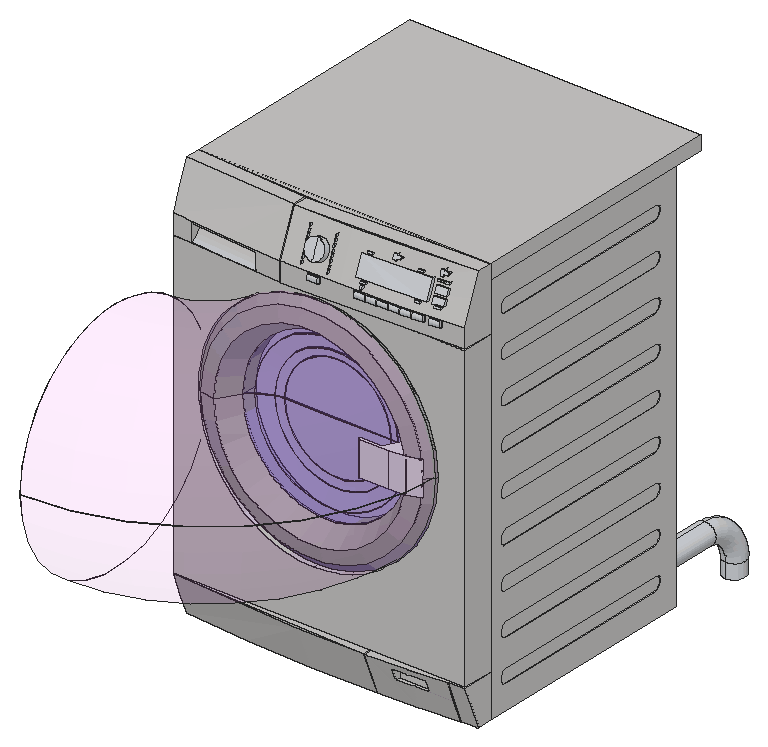
Revit family "WE170V", category Specialty Equipment, Revit 2014
Parameters
  Width = 596.5 mm
  Height = 846.7 mm
  Depth = 619.6 mm
Reference planes
  plane 1 "Center (Front/Back)": y = 0
  plane 2: z = 0
  plane 3 "Center (Left/Right)": x = 0
  plane 4 "LEFT": x = -298.25
  plane 5 "RIGHT": x = 298.25
  plane 6 "BACK": y = 309.8
  plane 7 "FRONT": y = -309.8
  plane 8 "voidPanel": through (0, -279.09, 846.678) normal (0, -0.9308, 0.3656)
Forms (mm)
  Extrusion 1, void
    sketch origin (0, 0, 0) x (1, 0, 0) y (0, 1, 0)
      loop
        line (298.25, -309.8) -> (348.25, -309.8) -> (348.25, -209.8) -> (298.25, -209.8) -> (298.25, -309.8)
    from 0 to 846.7
  Extrusion 2, void
    sketch origin (0, 0, 0) x (1, 0, 0) y (0, 1, 0)
      loop
        line (-298.25, -309.8) -> (-298.25, -209.8) -> (-348.25, -209.8) -> (-348.25, -309.8) -> (-298.25, -309.8)
    from 0 to 846.7
  Revolve 3, solid, material "QF_Finishes_Stainless Steel"
    sketch origin (0, 0, 0) x (0, 1, 0) y (0, 0, 1)
      loop
        line (-275.22, 846.7) -> (-309.8, 758.7) -> (-309.8, 96.5) -> (-275.22, 10.099) -> (-245.097, 10.099) -> (-245.097, 846.7) -> (-275.22, 846.7)
      axis (2693.07, 846.7) -> (2693.07, 10.099)
    angle from -6 to 6
  Extrusion 4, solid, material "QF_Finishes_Stainless Steel"
    sketch origin (0, 0, 0) x (1, 0, 0) y (0, 1, 0)
      loop
        line (-298.25, 244.903) -> (-298.25, -229.92) -> (298.25, -229.92) -> (298.25, 244.903) -> (-298.25, 244.903)
    from 10 to 816.7
  Extrusion 5, solid, material "QF_Finishes_Stainless Steel"
    sketch origin (0, 0, 816.7) x (-1, 0, 0) y (0, -1, 0)
      loop
        line (298.25, -309.8) -> (298.25, 245.097) -> (-298.25, 245.097) -> (-298.25, -309.8) -> (298.25, -309.8)
    from 0 to 30
  Extrusion 6, void
    sketch origin (0, -309.8, 0) x (0, 0, 1) y (-1, 0, 0)
      loop
        circle (464.1, 0) r 242.757
    from 0 to -500.517
  Revolve 7, solid, material "QF_Finishes_Gray"
    sketch origin (0, 0, 464.1) x (-1, 0, 0) y (0, -1, 0)
      loop
        line (242.774, 245.097) -> (242.774, 298.949) -> (226.774, 313.123) -> (196.73, 319.767) -> (170.5, 277.446) -> (170.5, 245.097) -> (242.774, 245.097)
      axis (0, 245.097) -> (0, 319.767)
    angle from 0 to 360
  Revolve 8, solid, material "Glass"
    sketch origin (0, 0, 464.1) x (-1, 0, 0) y (0, -1, 0)
      loop
        line (156.034, 264.421) -> (125.785, 250.116)
        arc (125.785, 250.116) -> (117.42, 247.776) -> (108.77, 246.987) r 47.824
        line (108.77, 246.987) -> (0, 246.987) -> (0, 244.987) -> (108.77, 244.987)
        arc (108.77, 244.987) -> (117.82, 245.816) -> (126.57, 248.275) r 49.824
        line (126.57, 248.275) -> (156.889, 262.613)
        arc (156.889, 262.613) -> (164.396, 267.382) -> (170.5, 273.851) r 35.892
        line (170.5, 273.851) -> (170.5, 277.446)
        arc (170.5, 277.446) -> (164.222, 269.872) -> (156.034, 264.421) r 33.892
      axis (0, 244.987) -> (0, 277.446)
    angle from 0 to 360
  Extrusion 9, void
    sketch origin (0, 0, 464.1) x (-1, 0, 0) y (0, -1, 0)
      loop
        line (278.25, -224.903) -> (278.25, 225.097) -> (-278.25, 225.097) -> (-278.25, -224.903) -> (278.25, -224.903)
    from -434.1 to 332.6
  Extrusion 10, void
    sketch origin (0, 0, 846.7) x (-1, 0, 0) y (0, -1, 0)
      loop
        arc (-298.25, 229.92) -> (0, 245.097) -> (298.25, 229.92) r 2938.166
        line (298.25, 229.92) -> (298.25, 260.198)
        arc (298.25, 260.198) -> (0, 275.22) -> (-298.25, 260.198) r 2968.289
        line (-298.25, 260.198) -> (-298.25, 229.92)
    from -30 to 0
  Extrusion 11, solid, material "QF_Finishes_Stainless Steel"
    sketch origin (0, 0, 846.7) x (-1, 0, 0) y (0, -1, 0)
      loop
        arc (-298.25, 229.92) -> (0, 245.097) -> (298.25, 229.92) r 2938.166
        line (298.25, 229.92) -> (298.25, 260.198)
        arc (298.25, 260.198) -> (0, 275.22) -> (-298.25, 260.198) r 2968.289
        line (-298.25, 260.198) -> (-298.25, 229.92)
    from 0 to -30
  Extrusion 12, solid
    sketch origin (0, 0, 846.7) x (-1, 0, 0) y (0, -1, 0)
      loop
        line (-148.308, 319.298) -> (-106.952, 319.298)
        arc (-106.952, 319.298) -> (-103.725, 322.526) -> (-106.952, 325.753) r 3.227
        line (-106.952, 325.753) -> (-166.755, 325.753)
        arc (-166.755, 325.753) -> (-197.413, 322.561) -> (-226.757, 313.123) r 148.849
        line (-226.757, 313.123) -> (-196.713, 319.767) -> (-170.483, 277.446) -> (-148.308, 319.298)
    from -417.516 to -347.516
  Extrusion 13, void
    sketch origin (0, 0, 0) x (0, 1, 0) y (0, 0, 1)
      loop
        line (-189.283, 738.954) -> (190.717, 738.954)
        arc (190.717, 738.954) -> (205.717, 753.954) -> (190.717, 768.954) r 15
        line (190.717, 768.954) -> (-189.283, 768.954)
        arc (-189.283, 768.954) -> (-204.283, 753.954) -> (-189.283, 738.954) r 15
      loop
        line (-189.283, 653.954) -> (190.717, 653.954)
        arc (190.717, 653.954) -> (205.717, 668.954) -> (190.717, 683.954) r 15
        line (190.717, 683.954) -> (-189.283, 683.954)
        arc (-189.283, 683.954) -> (-204.283, 668.954) -> (-189.283, 653.954) r 15
      loop
        arc (190.717, 568.954) -> (205.717, 583.954) -> (190.717, 598.954) r 15
        line (190.717, 598.954) -> (-189.283, 598.954)
        arc (-189.283, 598.954) -> (-204.283, 583.954) -> (-189.283, 568.954) r 15
        line (-189.283, 568.954) -> (190.717, 568.954)
      loop
        arc (-189.283, 513.954) -> (-204.283, 498.954) -> (-189.283, 483.954) r 15
        line (-189.283, 483.954) -> (190.717, 483.954)
        arc (190.717, 483.954) -> (205.717, 498.954) -> (190.717, 513.954) r 15
        line (190.717, 513.954) -> (-189.283, 513.954)
      loop
        arc (-189.283, 428.954) -> (-204.283, 413.954) -> (-189.283, 398.954) r 15
        line (-189.283, 398.954) -> (190.717, 398.954)
        arc (190.717, 398.954) -> (205.717, 413.954) -> (190.717, 428.954) r 15
        line (190.717, 428.954) -> (-189.283, 428.954)
      loop
        line (-189.283, 313.954) -> (190.717, 313.954)
        arc (190.717, 313.954) -> (205.717, 328.954) -> (190.717, 343.954) r 15
        line (190.717, 343.954) -> (-189.283, 343.954)
        arc (-189.283, 343.954) -> (-204.283, 328.954) -> (-189.283, 313.954) r 15
      loop
        arc (-189.283, 258.954) -> (-204.283, 243.954) -> (-189.283, 228.954) r 15
        line (-189.283, 228.954) -> (190.717, 228.954)
        arc (190.717, 228.954) -> (205.717, 243.954) -> (190.717, 258.954) r 15
        line (190.717, 258.954) -> (-189.283, 258.954)
      loop
        arc (-189.283, 173.954) -> (-204.283, 158.954) -> (-189.283, 143.954) r 15
        line (-189.283, 143.954) -> (190.717, 143.954)
        arc (190.717, 143.954) -> (205.717, 158.954) -> (190.717, 173.954) r 15
        line (190.717, 173.954) -> (-189.283, 173.954)
      loop
        arc (-189.283, 88.954) -> (-204.283, 73.954) -> (-189.283, 58.954) r 15
        line (-189.283, 58.954) -> (190.717, 58.954)
        arc (190.717, 58.954) -> (205.717, 73.954) -> (190.717, 88.954) r 15
        line (190.717, 88.954) -> (-189.283, 88.954)
    from 295 to 298.25
  Extrusion 14, void
    sketch origin (-298.25, 0, 0) x (0, 0, 1) y (0, -1, 0)
      loop
        line (768.954, -190.717) -> (768.954, 189.283)
        arc (768.954, 189.283) -> (753.954, 204.283) -> (738.954, 189.283) r 15
        line (738.954, 189.283) -> (738.954, -190.717)
        arc (738.954, -190.717) -> (753.954, -205.717) -> (768.954, -190.717) r 15
      loop
        arc (653.954, -190.717) -> (668.954, -205.717) -> (683.954, -190.717) r 15
        line (683.954, -190.717) -> (683.954, 189.283)
        arc (683.954, 189.283) -> (668.954, 204.283) -> (653.954, 189.283) r 15
        line (653.954, 189.283) -> (653.954, -190.717)
      loop
        line (598.954, -190.717) -> (598.954, 189.283)
        arc (598.954, 189.283) -> (583.954, 204.283) -> (568.954, 189.283) r 15
        line (568.954, 189.283) -> (568.954, -190.717)
        arc (568.954, -190.717) -> (583.954, -205.717) -> (598.954, -190.717) r 15
      loop
        arc (483.954, -190.717) -> (498.954, -205.717) -> (513.954, -190.717) r 15
        line (513.954, -190.717) -> (513.954, 189.283)
        arc (513.954, 189.283) -> (498.954, 204.283) -> (483.954, 189.283) r 15
        line (483.954, 189.283) -> (483.954, -190.717)
      loop
        line (398.954, 189.283) -> (398.954, -190.717)
        arc (398.954, -190.717) -> (413.954, -205.717) -> (428.954, -190.717) r 15
        line (428.954, -190.717) -> (428.954, 189.283)
        arc (428.954, 189.283) -> (413.954, 204.283) -> (398.954, 189.283) r 15
      loop
        arc (313.954, -190.717) -> (328.954, -205.717) -> (343.954, -190.717) r 15
        line (343.954, -190.717) -> (343.954, 189.283)
        arc (343.954, 189.283) -> (328.954, 204.283) -> (313.954, 189.283) r 15
        line (313.954, 189.283) -> (313.954, -190.717)
      loop
        arc (258.954, 189.283) -> (243.954, 204.283) -> (228.954, 189.283) r 15
        line (228.954, 189.283) -> (228.954, -190.717)
        arc (228.954, -190.717) -> (243.954, -205.717) -> (258.954, -190.717) r 15
        line (258.954, -190.717) -> (258.954, 189.283)
      loop
        arc (143.954, -190.717) -> (158.954, -205.717) -> (173.954, -190.717) r 15
        line (173.954, -190.717) -> (173.954, 189.283)
        arc (173.954, 189.283) -> (158.954, 204.283) -> (143.954, 189.283) r 15
        line (143.954, 189.283) -> (143.954, -190.717)
      loop
        line (88.954, -190.717) -> (88.954, 189.283)
        arc (88.954, 189.283) -> (73.954, 204.283) -> (58.954, 189.283) r 15
        line (58.954, 189.283) -> (58.954, -190.717)
        arc (58.954, -190.717) -> (73.954, -205.717) -> (88.954, -190.717) r 15
    from 0 to 3.25
  Extrusion 15, solid
    sketch origin (0, 0, 0) x (1, 0, 0) y (0, 1, 0)
      loop
        circle (-260.35, 212.4) r 20
    from 2.599 to 10
  Extrusion 16, solid
    sketch origin (0, 0, 0) x (1, 0, 0) y (0, 1, 0)
      loop
        circle (-260.35, 212.4) r 11
    from 0 to 3
  Extrusion 17, solid
    sketch origin (0, 0, 0) x (1, 0, 0) y (0, 1, 0)
      loop
        circle (260.35, 212.4) r 20
    from 3 to 10
  Extrusion 18, solid
    sketch origin (0, 0, 0) x (1, 0, 0) y (0, 1, 0)
      loop
        circle (260.35, 212.4) r 11
    from 0 to 3
  Extrusion 19, solid
    sketch origin (0, 0, 0) x (1, 0, 0) y (0, 1, 0)
      loop
        circle (-260.35, -214) r 20
    from 3 to 10
  Extrusion 20, solid
    sketch origin (0, 0, 0) x (1, 0, 0) y (0, 1, 0)
      loop
        circle (-260.35, -214) r 11
    from 0 to 3
  Extrusion 21, solid
    sketch origin (0, 0, 0) x (1, 0, 0) y (0, 1, 0)
      loop
        circle (260.35, -214) r 20
    from 3 to 10
  Extrusion 22, solid
    sketch origin (0, 0, 0) x (1, 0, 0) y (0, 1, 0)
      loop
        circle (260.35, -214) r 11
    from 0 to 3
  Sweep 23, solid
    path in 3D
      loop
        line (257.95, 444.903, -30.702) -> (257.95, 444.903, -0.7)
        arc (257.95, 444.903, -0.7) -> (257.95, 422.935, 52.336) -> (257.95, 369.899, 74.304) r 75.004
        line (257.95, 369.899, 74.304) -> (257.95, 244.903, 74.304)
    profile origin (257.95, 307.401, 74.304) x (0, 0, 1) y (-1, 0, 0)
      loop
        circle (-0.004, 0) r 22.25
  Blend 24, solid, material "QF_Finishes_Gray"
    base sketch origin (0, 244.903, 0) x (0, 0, 1) y (1, 0, 0)
      loop
        line (717.592, 70.741) -> (682.886, 203.828)
        arc (682.886, 203.828) -> (656.475, 243.36) -> (611.455, 258.643) r 73.949
        line (611.455, 258.643) -> (186.793, 258.643)
        arc (186.793, 258.643) -> (89.269, 219.323) -> (48.718, 122.304) r 136.362
        line (48.718, 122.304) -> (48.718, -122.304)
        arc (48.718, -122.304) -> (89.269, -219.322) -> (186.793, -258.643) r 136.362
        line (186.793, -258.643) -> (611.455, -258.643)
        arc (611.455, -258.643) -> (656.475, -243.36) -> (682.886, -203.828) r 73.949
        line (682.886, -203.828) -> (717.592, -70.741) -> (717.592, 70.741)
    top sketch origin (0, 244.903, 0) x (0, 0, 1) y (1, 0, 0)
      loop
        line (600.219, 199.866) -> (180.219, 199.866)
        arc (180.219, 199.866) -> (108.444, 170.809) -> (77.096, 100.006) r 103.177
        line (77.096, 100.006) -> (77.096, -100.006)
        arc (77.096, -100.006) -> (108.444, -170.809) -> (180.219, -199.865) r 103.177
        line (180.219, -199.865) -> (600.219, -199.865)
        arc (600.219, -199.865) -> (648.92, -183.679) -> (678.078, -141.448) r 80.887
        line (678.078, -141.448) -> (699.055, -63.159)
        arc (699.055, -63.159) -> (702.827, -43.9) -> (703.937, -24.306) r 143.552
        line (703.937, -24.306) -> (703.937, 24.306)
        arc (703.937, 24.306) -> (702.827, 43.9) -> (699.055, 63.159) r 143.552
        line (699.055, 63.159) -> (678.078, 141.448)
        arc (678.078, 141.448) -> (648.92, 183.679) -> (600.219, 199.866) r 80.887
    from 0 to 45
  Extrusion 25, solid
    sketch origin (0, 244.903, 0) x (0, 0, 1) y (1, 0, 0)
      loop
        circle (770.6, 175.06) r 5
    from 0 to 10
  Extrusion 26, solid
    sketch origin (0, 244.903, 0) x (0, 0, 1) y (1, 0, 0)
      loop
        circle (747.326, -204.287) r 10.551
    from 0 to 3
  Extrusion 27, solid
    sketch origin (0, 244.903, 0) x (0, 0, 1) y (1, 0, 0)
      loop
        circle (753.113, -128.946) r 10.957
    from 0 to 3
  Revolve 28, solid
    sketch origin (0, 0, 0) x (0, 1, 0) y (0, 0, 1)
      loop
        line (-288.963, 811.912) -> (-290.42, 812.457) -> (-288.648, 817.196) -> (-299.251, 821.16) -> (-306.378, 802.099) -> (-294.396, 797.379) -> (-288.963, 811.912)
      axis (-306.708, 802.229) -> (-294.396, 797.379)
    angle from 0 to 360
  Revolve 29, void
    sketch origin (-230.316, 19.843, 0) x (-0.085839, -0.996309, 0) y (0, 0, 1)
      loop
        arc (300.921, 756.57) -> (305.932, 736.74) -> (319.761, 721.669) r 41.748
        line (319.761, 721.669) -> (319.761, 756.57) -> (300.921, 756.57)
      axis (-2683.13, 756.57) -> (-2683.13, 721.669)
    angle from 0 to 2.65
  Extrusion 30, void
    sketch origin (0, -309.8, 0) x (0, 0, 1) y (-1, 0, 0)
      loop
        line (756.024, 11.1) -> (744.024, 11.1) -> (744.024, -11.9) -> (756.024, -11.9) -> (756.024, 11.1)
    from -2 to 2
  Extrusion 31, void
    sketch origin (0, -309.8, 0) x (0, 0, 1) y (-1, 0, 0)
      loop
        line (744.024, -82.491) -> (744.024, -105.291) -> (756.024, -105.291) -> (756.024, -82.491) -> (744.024, -82.491)
    from -4.2 to 3
  Extrusion 32, void
    sketch origin (0, -309.8, 0) x (0, 0, 1) y (-1, 0, 0)
      loop
        line (744.024, -105.691) -> (744.024, -128.291) -> (756.024, -128.291) -> (756.024, -105.691) -> (744.024, -105.691)
    from -5 to 3
  Extrusion 33, void
    sketch origin (0, -309.8, 0) x (0, 0, 1) y (-1, 0, 0)
      loop
        line (744.024, -128.691) -> (744.024, -151.291) -> (756.024, -151.291) -> (756.024, -128.691) -> (744.024, -128.691)
    from -6 to 3
  Extrusion 34, void
    sketch origin (0, -309.8, 0) x (0, 0, 1) y (-1, 0, 0)
      loop
        line (744.024, -151.691) -> (744.024, -174.291) -> (756.024, -174.291) -> (756.024, -151.691) -> (744.024, -151.691)
    from -7 to 3
  Extrusion 35, void
    sketch origin (0, -309.8, 0) x (0, 0, 1) y (-1, 0, 0)
      loop
        line (756.024, -174.691) -> (744.024, -174.691) -> (744.024, -197.291) -> (756.024, -197.291) -> (756.024, -174.691)
    from -8 to 3
  Extrusion 36, void
    sketch origin (0, -309.8, 0) x (0, 0, 1) y (-1, 0, 0)
      loop
        line (756.024, -197.691) -> (744.024, -197.691) -> (744.024, -220.291) -> (756.024, -220.291) -> (756.024, -197.691)
    from -10 to 3
  Extrusion 37, void
    sketch origin (0, -309.8, 0) x (0, 0, 1) y (-1, 0, 0)
      loop
        line (756.024, -231.191) -> (744.024, -231.191) -> (744.024, -253.791) -> (756.024, -253.791) -> (756.024, -231.191)
    from -12 to 3
  Revolve 38, solid
    sketch origin (0, 0, 0) x (0, 1, 0) y (0, 0, 1)
      loop
        arc (-311.022, 755.444) -> (-313.407, 750.198) -> (-312.569, 744.497) r 10.199
        line (-312.569, 744.497) -> (-308.8, 744.497) -> (-308.8, 755.444) -> (-311.022, 755.444)
      axis (2693.07, 755.444) -> (2693.07, 744.497)
    angle from -0.2 to 0.2
  Revolve 39, solid
    sketch origin (225.331, 18.987, 0) x (-0.083967, 0.996469, 0) y (0, 0, 1)
      loop
        line (-322.415, 744.497) -> (-318.664, 744.497) -> (-318.664, 755.444) -> (-320.867, 755.444)
        arc (-320.867, 755.444) -> (-323.262, 750.2) -> (-322.415, 744.497) r 10.15
      axis (2683.559, 755.444) -> (2683.559, 744.497)
    angle from 0.39 to 0
  Revolve 40, solid
    sketch origin (175.309, 11.964, -0.527) x (-0.065247, 0.997869, 0) y (0, 0, 1)
      loop
        arc (-316.803, 755.966) -> (-319.198, 750.722) -> (-318.35, 745.019) r 10.15
        line (-318.35, 745.019) -> (-314.581, 745.019) -> (-314.581, 755.966) -> (-316.803, 755.966)
      axis (2687.331, 755.966) -> (2687.331, 745.019)
    angle from 0 to 0.39
  Revolve 41, solid
    sketch origin (154.929, 8.943, 0) x (0.057625, -0.998338, 0) y (0, 0, 1)
      loop
        line (314.383, 755.444) -> (312.161, 755.444) -> (312.161, 744.497) -> (315.93, 744.497)
        arc (315.93, 744.497) -> (316.778, 750.2) -> (314.383, 755.444) r 10.15
      axis (-2688.595, 755.444) -> (-2688.595, 744.497)
    angle from 0 to -0.39
  Revolve 42, solid
    sketch origin (114.028, 4.837, 0) x (-0.042379, 0.999102, 0) y (0, 0, 1)
      loop
        arc (-312.044, 755.444) -> (-314.439, 750.2) -> (-313.591, 744.497) r 10.15
        line (-313.591, 744.497) -> (-309.822, 744.497) -> (-309.822, 755.444) -> (-312.044, 755.444)
      axis (2690.65, 755.444) -> (2690.65, 744.497)
    angle from 0 to 0.39
  Revolve 43, solid
    sketch origin (93.547, 3.253, 0) x (0.034757, -0.999396, 0) y (0, 0, 1)
      loop
        line (310.993, 755.444) -> (308.772, 755.444) -> (308.772, 744.497) -> (312.541, 744.497)
        arc (312.541, 744.497) -> (313.388, 750.2) -> (310.993, 755.444) r 10.15
      axis (-2691.442, 755.444) -> (-2691.442, 744.497)
    angle from 0 to -0.39
  Revolve 44, solid
    sketch origin (195.713, 14.299, -0.064) x (-0.072866, 0.997342, 0) y (0, 0, 1)
      loop
        line (-314.873, 744.555) -> (-314.873, 755.526) -> (-317.167, 755.526)
        arc (-317.167, 755.526) -> (-319.568, 750.27) -> (-318.708, 744.555) r 10.141
        line (-318.708, 744.555) -> (-314.873, 744.555)
      axis (2685.911, 755.526) -> (2685.911, 744.555)
    angle from 0 to 0.39
  Revolve 45, solid
    sketch origin (134.491, 6.733, 0) x (-0.050002, 0.998749, 0) y (0, 0, 1)
      loop
        line (-314.545, 744.497) -> (-310.794, 744.497) -> (-310.794, 755.444) -> (-312.997, 755.444)
        arc (-312.997, 755.444) -> (-315.392, 750.2) -> (-314.545, 744.497) r 10.15
      axis (2689.701, 755.444) -> (2689.701, 744.497)
    angle from 0 to 0.39
  Extrusion 46, void
    sketch origin (0, 0, 0) x (0, 1, 0) y (0, 0, 1)
      loop
        line (-252.57, 10.099) -> (-252.57, 96.5) -> (-320.672, 96.5) -> (-320.672, 10.099) -> (-252.57, 10.099)
    from 102 to 103.5
  Extrusion 47, void
    sketch origin (0, 0, 0) x (0, 1, 0) y (0, 0, 1)
      loop
        line (-252.57, 10.099) -> (-252.57, 96.5) -> (-320.672, 96.5) -> (-320.672, 10.099) -> (-252.57, 10.099)
    from 265 to 267.304
  Extrusion 48, void
    sketch origin (-298.25, 0, 0) x (0, 0, 1) y (0, -1, 0)
      loop
        line (846.7, 240.776) -> (846.7, 324.43) -> (718.7, 324.43) -> (718.7, 240.776) -> (846.7, 240.776)
    from 229 to 231.5
  Extrusion 49, void
    sketch origin (298.25, 0, 0) x (0, 0, 1) y (0, -1, 0)
      loop
        line (718.7, 229.92) -> (718.7, 330.753) -> (716.2, 330.753) -> (716.2, 229.92) -> (718.7, 229.92)
    from -600 to 3
  Extrusion 50, void
    sketch origin (298.25, 0, 0) x (0, 0, 1) y (0, -1, 0)
      loop
        line (96.5, 320.097) -> (96.5, 229.92) -> (99, 229.92) -> (99, 320.097) -> (96.5, 320.097)
    from -600 to 3
  Extrusion 51, void
    sketch origin (298.25, 0, 0) x (0, 0, 1) y (0, -1, 0)
      loop
        line (59.021, 279.876) -> (84.521, 279.876) -> (84.521, 312.8) -> (59.021, 312.8) -> (59.021, 279.876)
    from -145.491 to -78.384
  Extrusion 52, solid
    sketch origin (0, -309.8, 0) x (0, 0, 1) y (-1, 0, 0)
      loop
        line (830.108, -26.248) -> (825.608, -26.248) -> (825.608, -27.748) -> (830.108, -27.748) -> (830.108, -26.248)
      loop
        line (821.758, -26.248) -> (817.258, -26.248) -> (817.258, -27.748) -> (821.758, -27.748) -> (821.758, -26.248)
      loop
        line (813.408, -26.248) -> (808.908, -26.248) -> (808.908, -27.748) -> (813.408, -27.748) -> (813.408, -26.248)
      loop
        line (805.058, -26.248) -> (800.558, -26.248) -> (800.558, -27.748) -> (805.058, -27.748) -> (805.058, -26.248)
      loop
        line (792.208, -26.248) -> (792.208, -27.748) -> (796.7, -27.748) -> (796.7, -26.248) -> (792.208, -26.248)
      loop
        line (783.858, -26.248) -> (783.858, -27.748) -> (788.358, -27.748) -> (788.358, -26.248) -> (783.858, -26.248)
      loop
        line (775.508, -26.248) -> (775.508, -27.748) -> (780.008, -27.748) -> (780.008, -26.248) -> (775.508, -26.248)
      loop
        line (767.158, -26.248) -> (767.158, -27.748) -> (771.658, -27.748) -> (771.658, -26.248) -> (767.158, -26.248)
      loop
        line (825.608, 27.752) -> (825.608, 26.252) -> (830.108, 26.252) -> (830.108, 27.752) -> (825.608, 27.752)
      loop
        line (817.258, 27.752) -> (817.258, 26.252) -> (821.758, 26.252) -> (821.758, 27.752) -> (817.258, 27.752)
      loop
        line (808.908, 27.752) -> (808.908, 26.252) -> (813.408, 26.252) -> (813.408, 27.752) -> (808.908, 27.752)
      loop
        line (800.558, 27.752) -> (800.558, 26.252) -> (805.058, 26.252) -> (805.058, 27.752) -> (800.558, 27.752)
      loop
        line (792.208, 27.752) -> (792.208, 26.252) -> (796.7, 26.252) -> (796.7, 27.752) -> (792.208, 27.752)
      loop
        line (783.858, 27.752) -> (783.858, 26.252) -> (788.358, 26.252) -> (788.358, 27.752) -> (783.858, 27.752)
      loop
        line (775.508, 27.752) -> (775.508, 26.252) -> (780.008, 26.252) -> (780.008, 27.752) -> (775.508, 27.752)
      loop
        line (767.158, 27.752) -> (767.158, 26.252) -> (771.658, 26.252) -> (771.658, 27.752) -> (767.158, 27.752)
      loop
        line (819.143, -91.989) -> (819.143, -101.989) -> (822.143, -101.989) -> (822.143, -91.989) -> (819.143, -91.989)
      loop
        line (772.15, -91.989) -> (772.15, -101.989) -> (775.15, -101.989) -> (775.15, -91.989) -> (772.15, -91.989)
      loop
        line (762.775, -93.928) -> (762.775, -97.928) -> (769.475, -97.928) -> (769.475, -93.928) -> (762.775, -93.928)
      loop
        line (819.143, -191.861) -> (819.143, -201.861) -> (822.143, -201.861) -> (822.143, -191.861) -> (819.143, -191.861)
      loop
        line (772.15, -198.861) -> (772.15, -208.861) -> (775.15, -208.861) -> (775.15, -198.861) -> (772.15, -198.861)
      loop
        line (814.446, -230.991) -> (814.446, -237.491) -> (816.946, -237.491) -> (816.946, -230.991) -> (814.446, -230.991)
      loop
        line (816.946, -239.241) -> (814.446, -239.241) -> (814.446, -245.741) -> (816.946, -245.741) -> (816.946, -239.241)
      loop
        line (816.946, -247.491) -> (814.446, -247.491) -> (814.446, -253.991) -> (816.946, -253.991) -> (816.946, -247.491)
      loop
        line (808.046, -230.991) -> (796.046, -230.991) -> (796.046, -253.991) -> (808.046, -253.991) -> (808.046, -230.991)
      loop
        line (791.046, -230.991) -> (779.046, -230.991) -> (779.046, -253.991) -> (791.046, -253.991) -> (791.046, -230.991)
      loop
        line (773.046, -235.991) -> (773.046, -248.991) -> (776.546, -248.991) -> (776.546, -235.991) -> (773.046, -235.991)
      loop
        line (815.845, -81.665) -> (778.345, -81.665) -> (778.345, -221.665) -> (815.845, -221.665) -> (815.845, -81.665)
      loop
        line (823.434, -141.668) -> (823.434, -148.168) -> (825.186, -148.168)
        arc (825.186, -148.168) -> (825.862, -148.43) -> (826.186, -149.079) r 1.004
        line (826.186, -149.079) -> (826.761, -155.285)
        arc (826.761, -155.285) -> (827.085, -155.934) -> (827.761, -156.196) r 1.004
        line (827.761, -156.196) -> (830.526, -156.196)
        arc (830.526, -156.196) -> (831.202, -155.934) -> (831.526, -155.285) r 1.004
        line (831.526, -155.285) -> (832.101, -149.079)
        arc (832.101, -149.079) -> (832.559, -148.326) -> (833.434, -148.224) r 1.004
        line (833.434, -148.224) -> (833.434, -141.668) -> (823.434, -141.668)
      loop
        line (823.434, -233.563) -> (823.434, -240.063) -> (825.186, -240.063)
        arc (825.186, -240.063) -> (825.862, -240.325) -> (826.186, -240.974) r 1.004
        line (826.186, -240.974) -> (826.761, -247.18)
        arc (826.761, -247.18) -> (827.085, -247.829) -> (827.761, -248.091) r 1.004
        line (827.761, -248.091) -> (830.526, -248.091)
        arc (830.526, -248.091) -> (831.202, -247.829) -> (831.526, -247.18) r 1.004
        line (831.526, -247.18) -> (832.101, -240.974)
        arc (832.101, -240.974) -> (832.559, -240.222) -> (833.434, -240.12) r 1.004
        line (833.434, -240.12) -> (833.434, -233.563) -> (823.434, -233.563)
    from -45.246 to 5.217
  Revolve 53, void
    sketch origin (0, 0, 0) x (0, 1, 0) y (0, 0, 1)
      loop
        line (-311.514, 758.952) -> (-274.197, 853.952) -> (-327.007, 853.952) -> (-327.007, 758.952) -> (-311.514, 758.952)
      axis (2693.07, 853.952) -> (2693.07, 758.952)
    angle from 1 to -6
  Revolve 54, void
    sketch origin (0, 0, 0) x (0, 1, 0) y (0, 0, 1)
      loop
        line (-270.727, 839.015) -> (-301.294, 761.2) -> (-259.603, 761.2) -> (-259.603, 839.015) -> (-270.727, 839.015)
      axis (2693.07, 839.015) -> (2693.07, 761.2)
    angle from 1 to -5
  Revolve 55, solid, material "QF_Door-Drawer Clearances"
    sketch origin (0, -270.65, 0) x (-1, 0, 0) y (0, 0, 1)
      loop
        circle (0, 464.1) r 242.757
      axis (242.774, 464.1) -> (242.774, 463.1)
    angle from 0 to 90
Cuts and joins
  Extrusion 9, Extrusion 13, Extrusion 14, Revolve 29, Extrusion 49, Extrusion 50 cuts Extrusion 4
  Extrusion 1, Extrusion 2, Extrusion 6, Extrusion 10, Revolve 29, Extrusion 30, Extrusion 31, Extrusion 32, Extrusion 33, Extrusion 34, Extrusion 35, Extrusion 36, Extrusion 37, Extrusion 46, Extrusion 47, Extrusion 48, Extrusion 49, Extrusion 50, Extrusion 51, Revolve 54 cuts Revolve 3
  Revolve 29, Extrusion 46, Extrusion 47, Extrusion 48, Extrusion 49, Extrusion 50, Revolve 54 cuts Extrusion 11
  joined: Revolve 3, Extrusion 11
  Extrusion 10 cuts Extrusion 5
  Revolve 53, Revolve 54 cuts Extrusion 52
Lines and regions (mm)
  model lines
    curve 1: circle (257.95, 244.903, 74.3) r 22.25 normal (0, 1, 0)
    curve 5: line (253.366, -313.716, 0) -> (253.669, -317.455, 0)
  sketch lines
    curve 2: line (257.95, 369.899, 74.304) -> (257.95, 244.903, 74.304)
    curve 3: arc (257.95, 369.899, 74.304) -> (257.95, 422.935, 52.336) -> (257.95, 444.903, -0.7) r 75.004
    curve 4: line (257.95, 444.903, -30.702) -> (257.95, 444.903, -0.7)
  symbolic lines, style "QF_Door-Drawer Clearances"
    curve 6: line (-242.774, -756.198, 744.475) -> (-242.774, -270.65, 744.475)
    curve 7: arc (-242.774, -756.198, 744.475) -> (86.428, -627.558, 744.475) -> (241.193, -309.8, 744.475) r 485.548
    curve 8: line (-242.774, -756.198, 744.475) -> (-239.774, -756.198, 744.475)
Dimensions and locks
  equal spacing: plane 5 "RIGHT", plane 3 "Center (Left/Right)", plane 4 "LEFT"
  "Width": plane 5 "RIGHT" to plane 4 "LEFT"
  equal spacing: plane 7 "FRONT", plane 1 "Center (Front/Back)", plane 6 "BACK"
  "Depth": plane 7 "FRONT" to plane 6 "BACK"
  cut or joined group of Extrusion 5, Extrusion 10 to cut or joined group of Extrusion 5, Extrusion 10 = 596.5 mm
  plane 7 "FRONT" to plane 6 "BACK" = 619.6 mm
  curve 8 to plane 6 "BACK" = 1065.998 mm
  cut or joined group of Extrusion 1, Extrusion 2, Revolve 3, Extrusion 6, Extrusion 10, Extrusion 11, Revolve 29, Extrusion 30, Extrusion 31, Extrusion 32, Extrusion 33, Extrusion 34, Extrusion 35, Extrusion 36, Extrusion 37, Extrusion 46, Extrusion 47, Extrusion 48, Extrusion 49, Extrusion 50, Extrusion 51, Revolve 54 to level = 846.7 mm
  aligned and locked: level to plane 2
Automatic sketch dimensions
  Extrusion 1 sketch curve to plane 5 "RIGHT" = 0 mm
  plane 7 "FRONT" to Extrusion 1 sketch curve = 0 mm
  Extrusion 1 sketch curve to Extrusion 1 sketch curve = 50 mm
  plane 7 "FRONT" to Extrusion 2 sketch curve = 0 mm
  Extrusion 2 sketch curve to plane 4 "LEFT" = 0 mm
  Extrusion 2 sketch curve to Extrusion 2 sketch curve = 50 mm
  Revolve 3 sketch curve to plane 7 "FRONT" = 0 mm
  Revolve 3 sketch curve to level = 337.362 mm
  Extrusion 4 sketch curve to plane 4 "LEFT" = 0 mm
  Extrusion 4 sketch curve to plane 5 "RIGHT" = 0 mm
  Extrusion 5 sketch curve to plane 5 "RIGHT" = 0 mm
  Extrusion 5 sketch curve to plane 4 "LEFT" = 0 mm
  plane 6 "BACK" to Extrusion 5 sketch curve = 0 mm
  Extrusion 6 sketch curve to plane 3 "Center (Left/Right)" = 0 mm
  Revolve 7 sketch curve to plane 3 "Center (Left/Right)" = 0 mm
  plane 7 "FRONT" to Revolve 7 sketch curve = 3.323 mm
  Revolve 7 sketch curve to Revolve 7 sketch curve = 32.349 mm
  Revolve 7 sketch curve to plane 7 "FRONT" = 10.851 mm
  plane 7 "FRONT" to Revolve 7 sketch curve = 9.967 mm
  Revolve 7 sketch curve to plane 6 "BACK" = 1134.072 mm
  plane 7 "FRONT" to Revolve 7 sketch curve = 1124.917 mm
  Revolve 8 sketch curve to Revolve 8 sketch curve = 0 mm  (x5)
  Revolve 8 sketch curve to plane 3 "Center (Left/Right)" = 0 mm  (x2)
  Revolve 8 sketch curve to Revolve 8 sketch curve = 0.785 mm
  Revolve 8 sketch curve to Revolve 8 sketch curve = 0.855 mm
  Revolve 8 sketch curve to Revolve 8 sketch curve = 14.466 mm
  Revolve 8 sketch curve to Revolve 8 sketch curve = 1.288 mm
  Revolve 8 sketch curve to Revolve 8 sketch curve = 1.808 mm
  Revolve 8 sketch curve to Revolve 8 sketch curve = 9.43 mm
  Revolve 8 sketch curve to plane 6 "BACK" = 1134.072 mm
  plane 7 "FRONT" to Revolve 8 sketch curve = 1124.917 mm
  Extrusion 10 sketch curve to Extrusion 10 sketch curve = 0 mm  (x3)
  Extrusion 10 sketch curve to plane 5 "RIGHT" = 0 mm
  Extrusion 10 sketch curve to plane 3 "Center (Left/Right)" = 0 mm
  Extrusion 10 sketch curve to plane 4 "LEFT" = 0 mm
  Extrusion 11 sketch curve to Extrusion 11 sketch curve = 0 mm  (x3)
  Extrusion 11 sketch curve to plane 5 "RIGHT" = 0 mm
  Extrusion 11 sketch curve to plane 3 "Center (Left/Right)" = 0 mm
  Extrusion 11 sketch curve to plane 4 "LEFT" = 0 mm
  plane 7 "FRONT" to Extrusion 12 sketch curve = 3.323 mm
  plane 7 "FRONT" to Extrusion 12 sketch curve = 9.967 mm
  plane 7 "FRONT" to Extrusion 12 sketch curve = 9.498 mm
  Extrusion 12 sketch curve to Extrusion 12 sketch curve = 18.446 mm
  Extrusion 12 sketch curve to Extrusion 12 sketch curve = 41.357 mm
  Extrusion 13 sketch curve to Extrusion 13 sketch curve = 15 mm  (x9)
  Extrusion 13 sketch curve to Extrusion 13 sketch curve = 55 mm  (x8)
  Extrusion 14 sketch curve to Extrusion 14 sketch curve = 55 mm  (x8)
  Extrusion 14 sketch curve to Extrusion 14 sketch curve = 15 mm  (x9)
  profile plane to Sweep 23 sketch curve = 0 mm
  profile plane to Sweep 23 sketch curve = 0.004 mm
  Blend 24 sketch curve to Blend 24 sketch curve = 1.713 mm  (x2)
  plane 3 "Center (Left/Right)" to Blend 24 sketch curve = 70.741 mm
  plane 3 "Center (Left/Right)" to Blend 24 sketch curve = 26.006 mm
  Blend 24 sketch curve to plane 3 "Center (Left/Right)" = 26.006 mm
  Blend 24 sketch curve to Blend 24 sketch curve = 0 mm
  Blend 24 sketch curve to Blend 24 sketch curve = 0.156 mm  (x2)
  Blend 24 sketch curve to plane 3 "Center (Left/Right)" = 63.159 mm
  plane 3 "Center (Left/Right)" to Blend 24 sketch curve = 24.306 mm
  plane 3 "Center (Left/Right)" to Blend 24 sketch curve = 96.688 mm
  Revolve 28 sketch curve to plane 7 "FRONT" = 3.422 mm
  Revolve 28 sketch curve to plane 7 "FRONT" = 10.549 mm
  Revolve 28 sketch curve to Revolve 28 sketch curve = 11.981 mm
  Revolve 28 sketch curve to Revolve 28 sketch curve = 8.831 mm
  Revolve 28 sketch curve to Revolve 28 sketch curve = 1.772 mm
  Revolve 28 sketch curve to Revolve 28 sketch curve = 0 mm  (x4)
  Revolve 29 sketch curve to Revolve 29 sketch curve = 18.839 mm
  Revolve 29 sketch curve to Revolve 29 sketch curve = 22.908 mm
  Revolve 29 sketch curve to Revolve 29 sketch curve = 2984.051 mm
  plane 3 "Center (Left/Right)" to Extrusion 30 sketch curve = 11.9 mm
  Extrusion 30 sketch curve to plane 3 "Center (Left/Right)" = 11.1 mm
  Extrusion 31 sketch curve to Extrusion 31 sketch curve = 22.8 mm
  Extrusion 32 sketch curve to Extrusion 32 sketch curve = 22.6 mm
  Extrusion 33 sketch curve to Extrusion 33 sketch curve = 22.6 mm
  Extrusion 34 sketch curve to Extrusion 34 sketch curve = 22.6 mm
  Extrusion 36 sketch curve to Extrusion 36 sketch curve = 22.6 mm
  Extrusion 37 sketch curve to Extrusion 37 sketch curve = 22.6 mm
  Revolve 38 sketch curve to plane 7 "FRONT" = 6.491 mm
  Revolve 38 sketch curve to plane 7 "FRONT" = 1 mm
  plane 7 "FRONT" to Revolve 38 sketch curve = 1.222 mm
  plane 7 "FRONT" to Revolve 38 sketch curve = 2.769 mm
  Revolve 39 sketch curve to Revolve 39 sketch curve = 1.547 mm
  Revolve 39 sketch curve to Revolve 39 sketch curve = 2.203 mm
  Revolve 39 sketch curve to Revolve 39 sketch curve = 2996.771 mm
  Revolve 40 sketch curve to Revolve 40 sketch curve = 1.547 mm
  Revolve 40 sketch curve to Revolve 40 sketch curve = 3.769 mm
  Revolve 40 sketch curve to Revolve 40 sketch curve = 2996.479 mm
  Revolve 41 sketch curve to Revolve 41 sketch curve = 5.433 mm
  Revolve 41 sketch curve to Revolve 41 sketch curve = 2.222 mm
  Revolve 41 sketch curve to Revolve 41 sketch curve = 3.769 mm
  Revolve 41 sketch curve to Revolve 41 sketch curve = 2995.322 mm
  Revolve 42 sketch curve to Revolve 42 sketch curve = 1.548 mm
  Revolve 42 sketch curve to Revolve 42 sketch curve = 3.769 mm
  Revolve 42 sketch curve to Revolve 42 sketch curve = 2995.039 mm
  Revolve 43 sketch curve to Revolve 43 sketch curve = 5.433 mm
  Revolve 43 sketch curve to Revolve 43 sketch curve = 2.222 mm
  Revolve 43 sketch curve to Revolve 43 sketch curve = 3.769 mm
  Revolve 43 sketch curve to Revolve 43 sketch curve = 2994.781 mm
  Revolve 44 sketch curve to Revolve 44 sketch curve = 1.541 mm
  Revolve 44 sketch curve to Revolve 44 sketch curve = 3.835 mm
  Revolve 44 sketch curve to Revolve 44 sketch curve = 2995.436 mm
  Revolve 45 sketch curve to Revolve 45 sketch curve = 1.547 mm
  Revolve 45 sketch curve to Revolve 45 sketch curve = 2.203 mm
  Revolve 45 sketch curve to Revolve 45 sketch curve = 2995.043 mm
  plane 7 "FRONT" to Extrusion 46 sketch curve = 10.872 mm
  plane 7 "FRONT" to Extrusion 47 sketch curve = 10.872 mm
  plane 7 "FRONT" to Extrusion 48 sketch curve = 14.63 mm
  Extrusion 49 sketch curve to Extrusion 49 sketch curve = 2.5 mm
  plane 7 "FRONT" to Extrusion 49 sketch curve = 20.953 mm
  Extrusion 50 sketch curve to Extrusion 50 sketch curve = 2.5 mm
  plane 7 "FRONT" to Extrusion 50 sketch curve = 10.297 mm
  plane 7 "FRONT" to Extrusion 51 sketch curve = 3 mm
  Extrusion 51 sketch curve to plane 7 "FRONT" = 29.924 mm
  Extrusion 52 sketch curve to Extrusion 52 sketch curve = 5 mm  (x3)
  Extrusion 52 sketch curve to Extrusion 52 sketch curve = 3.85 mm  (x12)
  Extrusion 52 sketch curve to Extrusion 52 sketch curve = 4.5 mm  (x14)
  Extrusion 52 sketch curve to Extrusion 52 sketch curve = 2.5 mm  (x4)
  Extrusion 52 sketch curve to Extrusion 52 sketch curve = 6.7 mm
  Extrusion 52 sketch curve to Extrusion 52 sketch curve = 3.858 mm  (x2)
  Extrusion 52 sketch curve to Extrusion 52 sketch curve = 0 mm  (x18)
  Extrusion 52 sketch curve to Extrusion 52 sketch curve = 3 mm  (x4)
  Extrusion 52 sketch curve to Extrusion 52 sketch curve = 1.752 mm  (x2)
  Extrusion 52 sketch curve to Extrusion 52 sketch curve = 1 mm  (x8)
  Extrusion 52 sketch curve to Extrusion 52 sketch curve = 0.576 mm  (x2)
  Extrusion 52 sketch curve to Extrusion 52 sketch curve = 2.765 mm  (x2)
  Extrusion 52 sketch curve to Extrusion 52 sketch curve = 5.916 mm  (x2)
  Extrusion 52 sketch curve to Extrusion 52 sketch curve = 0.333 mm  (x2)
  Extrusion 52 sketch curve to Extrusion 52 sketch curve = 0.911 mm  (x4)
  Extrusion 52 sketch curve to Extrusion 52 sketch curve = 6.5 mm  (x3)
  Extrusion 52 sketch curve to Extrusion 52 sketch curve = 1.75 mm  (x2)
  Extrusion 52 sketch curve to Extrusion 52 sketch curve = 6.113 mm  (x4)
  Extrusion 52 sketch curve to Extrusion 52 sketch curve = 0.093 mm  (x4)
  Extrusion 52 sketch curve to Extrusion 52 sketch curve = 13 mm
  Extrusion 52 sketch curve to Extrusion 52 sketch curve = 6.557 mm  (x2)
  Extrusion 52 sketch curve to Extrusion 52 sketch curve = 9.327 mm
  Extrusion 52 sketch curve to Extrusion 52 sketch curve = 12.804 mm
  Extrusion 52 sketch curve to Extrusion 52 sketch curve = 19.804 mm
  Extrusion 52 sketch curve to Extrusion 52 sketch curve = 10 mm  (x3)
  Extrusion 52 sketch curve to Extrusion 52 sketch curve = 39.679 mm  (x2)
  Extrusion 52 sketch curve to Extrusion 52 sketch curve = 4.061 mm
  Extrusion 52 sketch curve to Extrusion 52 sketch curve = 4 mm
  Extrusion 52 sketch curve to Extrusion 52 sketch curve = 1.939 mm
  Extrusion 52 sketch curve to Extrusion 52 sketch curve = 10.324 mm
  plane 3 "Center (Left/Right)" to Extrusion 52 sketch curve = 27.748 mm  (x2)
  Extrusion 52 sketch curve to Extrusion 52 sketch curve = 1.5 mm  (x16)
  Extrusion 52 sketch curve to plane 3 "Center (Left/Right)" = 26.252 mm  (x2)
  plane 7 "FRONT" to Revolve 53 sketch curve = 1.714 mm
  Revolve 53 sketch curve to Revolve 53 sketch curve = 15.492 mm
  Revolve 54 sketch curve to Revolve 54 sketch curve = 11.124 mm
  Revolve 54 sketch curve to plane 7 "FRONT" = 8.506 mm
  Revolve 54 sketch curve to level = 337.362 mm
  plane 7 "FRONT" to curve 7 = 0 mm
  plane 7 "FRONT" to curve 6 = 446.398 mm
  Revolve 55 sketch curve to plane 3 "Center (Left/Right)" = 0 mm
  Revolve 7 sketch curve to Revolve 7 sketch curve = 26.23 mm
  Revolve 8 sketch curve to plane 3 "Center (Left/Right)" = 108.77 mm
  Revolve 8 sketch curve to plane 7 "FRONT" = 14.74 mm
  Revolve 8 sketch curve to Revolve 8 sketch curve = 32.775 mm
  Blend 24 sketch curve to plane 3 "Center (Left/Right)" = 70.741 mm
  Blend 24 sketch curve to plane 3 "Center (Left/Right)" = 96.688 mm
  Blend 24 sketch curve to plane 3 "Center (Left/Right)" = 100.006 mm
  Blend 24 sketch curve to Blend 24 sketch curve = 80.886 mm  (x2)
  Extrusion 12 sketch curve to Extrusion 12 sketch curve = 30.044 mm
  Extrusion 12 sketch curve to Extrusion 12 sketch curve = 26.23 mm
  plane 3 "Center (Left/Right)" to Blend 24 sketch curve = 122.292 mm
  Blend 24 sketch curve to Blend 24 sketch curve = 73.949 mm  (x2)
  plane 3 "Center (Left/Right)" to Blend 24 sketch curve = 100.006 mm
  plane 3 "Center (Left/Right)" to Extrusion 31 sketch curve = 105.291 mm
  plane 3 "Center (Left/Right)" to Extrusion 32 sketch curve = 128.291 mm
  Extrusion 35 sketch curve to Extrusion 35 sketch curve = 22.6 mm
  Extrusion 52 sketch curve to Extrusion 52 sketch curve = 35.665 mm
  plane 3 "Center (Left/Right)" to Blend 24 sketch curve = 122.304 mm
  Extrusion 52 sketch curve to Extrusion 52 sketch curve = 53.916 mm
  Extrusion 52 sketch curve to Extrusion 52 sketch curve = 2.572 mm
  plane 6 "BACK" to Extrusion 4 sketch curve = 64.897 mm
  plane 6 "BACK" to Extrusion 9 sketch curve = 84.897 mm
  plane 6 "BACK" to Extrusion 13 sketch curve = 119.083 mm
  Extrusion 13 sketch curve to Extrusion 13 sketch curve = 0 mm  (x15)
  plane 6 "BACK" to Extrusion 14 sketch curve = 119.083 mm
  Extrusion 14 sketch curve to Extrusion 14 sketch curve = 0 mm  (x16)
  plane 6 "BACK" to Extrusion 15 sketch curve = 97.4 mm
  plane 6 "BACK" to Extrusion 16 sketch curve = 97.4 mm
  plane 6 "BACK" to Extrusion 17 sketch curve = 97.4 mm
  plane 6 "BACK" to Extrusion 18 sketch curve = 97.4 mm
  Revolve 8 sketch curve to Revolve 8 sketch curve = 17.015 mm
  Revolve 8 sketch curve to Revolve 8 sketch curve = 5.129 mm
  Extrusion 1 sketch curve to plane 7 "FRONT" = 100 mm
  Extrusion 2 sketch curve to plane 7 "FRONT" = 100 mm
  Revolve 3 sketch curve to plane 7 "FRONT" = 34.58 mm  (x2)
  Revolve 3 sketch curve to Revolve 3 sketch curve = 30.123 mm
  Extrusion 4 sketch curve to plane 7 "FRONT" = 79.88 mm
  Extrusion 5 sketch curve to plane 7 "FRONT" = 64.703 mm
  Revolve 7 sketch curve to plane 7 "FRONT" = 64.703 mm
  Revolve 8 sketch curve to plane 7 "FRONT" = 45.379 mm
  Revolve 8 sketch curve to plane 7 "FRONT" = 64.813 mm
  Extrusion 9 sketch curve to plane 7 "FRONT" = 84.703 mm
  Extrusion 10 sketch curve to plane 7 "FRONT" = 79.88 mm
  Extrusion 10 sketch curve to Extrusion 10 sketch curve = 30.278 mm
  Extrusion 11 sketch curve to plane 7 "FRONT" = 79.88 mm
  Extrusion 11 sketch curve to Extrusion 11 sketch curve = 30.278 mm
  Extrusion 12 sketch curve to plane 7 "FRONT" = 32.354 mm
  Extrusion 12 sketch curve to Extrusion 12 sketch curve = 100.542 mm
  Extrusion 13 sketch curve to plane 7 "FRONT" = 120.517 mm  (x2)
  Extrusion 14 sketch curve to plane 7 "FRONT" = 120.517 mm
  Extrusion 19 sketch curve to plane 7 "FRONT" = 95.8 mm
  Extrusion 20 sketch curve to plane 7 "FRONT" = 95.8 mm
  Extrusion 21 sketch curve to plane 7 "FRONT" = 95.8 mm
  Extrusion 22 sketch curve to plane 7 "FRONT" = 95.8 mm
  Extrusion 46 sketch curve to plane 7 "FRONT" = 57.23 mm
  Extrusion 47 sketch curve to plane 7 "FRONT" = 57.23 mm
  Extrusion 48 sketch curve to plane 7 "FRONT" = 69.024 mm
  Extrusion 49 sketch curve to plane 7 "FRONT" = 79.88 mm
  Extrusion 50 sketch curve to plane 7 "FRONT" = 79.88 mm
  Revolve 53 sketch curve to plane 7 "FRONT" = 35.603 mm
  Revolve 54 sketch curve to plane 7 "FRONT" = 39.073 mm
  curve 7 to plane 7 "FRONT" = 39.15 mm
  curve 6 to curve 7 = 0 mm
  Extrusion 12 sketch curve to Extrusion 12 sketch curve = 3.729 mm
  Extrusion 9 sketch curve to plane 5 "RIGHT" = 20 mm
  Extrusion 12 sketch curve to plane 5 "RIGHT" = 71.493 mm
  Extrusion 17 sketch curve to plane 5 "RIGHT" = 37.9 mm
  Extrusion 18 sketch curve to plane 5 "RIGHT" = 37.9 mm
  Extrusion 21 sketch curve to plane 5 "RIGHT" = 37.9 mm
  Extrusion 22 sketch curve to plane 5 "RIGHT" = 37.9 mm
  curve 1 to plane 5 "RIGHT" = 40.3 mm
  Extrusion 25 sketch curve to plane 5 "RIGHT" = 123.19 mm
  Extrusion 33 sketch curve to plane 5 "RIGHT" = 146.959 mm
  Extrusion 34 sketch curve to plane 5 "RIGHT" = 123.959 mm
  Extrusion 35 sketch curve to plane 5 "RIGHT" = 100.959 mm
  Extrusion 36 sketch curve to plane 5 "RIGHT" = 77.959 mm
  Extrusion 37 sketch curve to plane 5 "RIGHT" = 44.459 mm
  plane 4 "LEFT" to Extrusion 9 sketch curve = 20 mm
  plane 4 "LEFT" to Revolve 7 sketch curve = 127.75 mm
  Revolve 7 sketch curve to Revolve 7 sketch curve = 30.044 mm
  plane 4 "LEFT" to Revolve 7 sketch curve = 55.476 mm
  plane 4 "LEFT" to Extrusion 15 sketch curve = 37.9 mm
  plane 4 "LEFT" to Extrusion 16 sketch curve = 37.9 mm
  plane 4 "LEFT" to Extrusion 19 sketch curve = 37.9 mm
  plane 4 "LEFT" to Extrusion 20 sketch curve = 37.9 mm
  Blend 24 sketch curve to plane 3 "Center (Left/Right)" = 122.292 mm
  Blend 24 sketch curve to plane 3 "Center (Left/Right)" = 122.304 mm
  plane 4 "LEFT" to Extrusion 26 sketch curve = 93.963 mm
  Extrusion 27 sketch curve to plane 3 "Center (Left/Right)" = 128.946 mm
  plane 4 "LEFT" to curve 8 = 58.476 mm
  curve 8 to curve 8 = 3 mm
  plane 4 "LEFT" to curve 7 = 55.476 mm
  Revolve 28 sketch curve to Revolve 28 sketch curve = 1.457 mm
  Revolve 28 sketch curve to Revolve 28 sketch curve = 4.739 mm
  Extrusion 52 sketch curve to Extrusion 52 sketch curve = 6.4 mm  (x2)
  Extrusion 52 sketch curve to Extrusion 52 sketch curve = 1.399 mm
  Extrusion 52 sketch curve to Extrusion 52 sketch curve = 3.299 mm  (x2)
  Extrusion 52 sketch curve to Extrusion 52 sketch curve = 6.488 mm
  Revolve 28 sketch curve to Revolve 28 sketch curve = 4.72 mm
  Revolve 28 sketch curve to Revolve 28 sketch curve = 14.533 mm
  Extrusion 52 sketch curve to Extrusion 52 sketch curve = 12 mm  (x2)
  Extrusion 52 sketch curve to Extrusion 52 sketch curve = 4.492 mm  (x2)
  level to Revolve 3 sketch curve = 10.099 mm
  level to Revolve 29 sketch curve = 21.881 mm
  level to Revolve 38 sketch curve = 21.881 mm
  level to Revolve 39 sketch curve = 21.902 mm
  level to Revolve 40 sketch curve = 21.375 mm
  level to Revolve 41 sketch curve = 21.902 mm
  level to Revolve 42 sketch curve = 21.902 mm
  level to Revolve 43 sketch curve = 21.902 mm
  level to Revolve 44 sketch curve = 21.838 mm
  level to Revolve 45 sketch curve = 21.902 mm
  level to Extrusion 46 sketch curve = 10.099 mm
  level to Extrusion 47 sketch curve = 10.099 mm
  level to Revolve 53 sketch curve = 21.902 mm
  Revolve 39 sketch curve to Revolve 39 sketch curve = 5.452 mm
  Revolve 40 sketch curve to Revolve 40 sketch curve = 5.433 mm
  Revolve 42 sketch curve to Revolve 42 sketch curve = 5.433 mm
  Revolve 44 sketch curve to Revolve 44 sketch curve = 5.348 mm
  Revolve 45 sketch curve to Revolve 45 sketch curve = 5.452 mm
  Extrusion 52 sketch curve to Extrusion 52 sketch curve = 1.291 mm
  Extrusion 30 sketch curve to Extrusion 30 sketch curve = 12 mm
  Extrusion 31 sketch curve to Extrusion 31 sketch curve = 12 mm
  Extrusion 32 sketch curve to Extrusion 32 sketch curve = 12 mm
  Extrusion 33 sketch curve to Extrusion 33 sketch curve = 12 mm
  Extrusion 34 sketch curve to Extrusion 34 sketch curve = 12 mm
  Extrusion 35 sketch curve to Extrusion 35 sketch curve = 12 mm
  Extrusion 36 sketch curve to Extrusion 36 sketch curve = 12 mm
  Extrusion 37 sketch curve to Extrusion 37 sketch curve = 12 mm
  Revolve 38 sketch curve to Revolve 38 sketch curve = 4.274 mm
  Revolve 39 sketch curve to Revolve 39 sketch curve = 4.282 mm
  Revolve 40 sketch curve to Revolve 40 sketch curve = 4.282 mm
  Revolve 41 sketch curve to Revolve 41 sketch curve = 4.282 mm
  Revolve 42 sketch curve to Revolve 42 sketch curve = 4.282 mm
  Revolve 43 sketch curve to Revolve 43 sketch curve = 4.282 mm
  Revolve 44 sketch curve to Revolve 44 sketch curve = 4.304 mm
  Revolve 45 sketch curve to Revolve 45 sketch curve = 4.282 mm
  Blend 24 sketch curve to Blend 24 sketch curve = 71.431 mm  (x2)
  Blend 24 sketch curve to Blend 24 sketch curve = 77.703 mm  (x2)
  Blend 24 sketch curve to Blend 24 sketch curve = 20.977 mm
  Blend 24 sketch curve to plane 3 "Center (Left/Right)" = 24.306 mm
  Revolve 29 sketch curve to Revolve 29 sketch curve = 34.901 mm
  Revolve 3 sketch curve to Revolve 3 sketch curve = 86.401 mm
  level to curve 1 = 74.3 mm
  Blend 24 sketch curve to plane 5 "RIGHT" = 39.607 mm
  level to Blend 24 sketch curve = 186.793 mm
  plane 4 "LEFT" to Blend 24 sketch curve = 39.607 mm
  level to Blend 24 sketch curve = 180.219 mm  (x2)
  level to Blend 24 sketch curve = 77.096 mm
  Extrusion 46 sketch curve to Extrusion 46 sketch curve = 86.401 mm
  Extrusion 47 sketch curve to Extrusion 47 sketch curve = 86.401 mm
  level to Extrusion 50 sketch curve = 96.5 mm
  level to Extrusion 51 sketch curve = 59.021 mm
  Extrusion 51 sketch curve to Extrusion 51 sketch curve = 25.5 mm
  Blend 24 sketch curve to Blend 24 sketch curve = 138.661 mm
  Blend 24 sketch curve to Blend 24 sketch curve = 39.825 mm
  Blend 24 sketch curve to Blend 24 sketch curve = 98.836 mm
  plane 4 "LEFT" to Revolve 55 sketch curve = 55.476 mm
  Revolve 55 sketch curve to level = 304.8 mm
  Revolve 3 sketch curve to Revolve 3 sketch curve = 662.2 mm
  Revolve 3 sketch curve to Revolve 3 sketch curve = 88 mm
  level to Revolve 3 sketch curve = 1246.462 mm
  level to Extrusion 6 sketch curve = 464.1 mm
  level to Extrusion 13 sketch curve = 58.954 mm
  level to Extrusion 14 sketch curve = 58.954 mm
  Blend 24 sketch curve to Blend 24 sketch curve = 424.662 mm  (x2)
  Blend 24 sketch curve to Blend 24 sketch curve = 34.705 mm
  Blend 24 sketch curve to Blend 24 sketch curve = 380.175 mm
  level to Extrusion 25 sketch curve = 770.6 mm
  level to Extrusion 26 sketch curve = 747.326 mm
  level to Extrusion 27 sketch curve = 753.113 mm
  level to Revolve 28 sketch curve = 797.379 mm
  level to Revolve 29 sketch curve = 756.57 mm
  Revolve 29 sketch curve to Revolve 29 sketch curve = 824.798 mm
  level to Extrusion 30 sketch curve = 744.024 mm
  level to Extrusion 31 sketch curve = 744.024 mm
  level to Extrusion 32 sketch curve = 744.024 mm
  level to Extrusion 33 sketch curve = 744.024 mm
  level to Extrusion 34 sketch curve = 744.024 mm
  level to Extrusion 35 sketch curve = 744.024 mm
  level to Extrusion 36 sketch curve = 744.024 mm
  level to Extrusion 37 sketch curve = 744.024 mm
  level to Revolve 38 sketch curve = 744.497 mm
  Revolve 38 sketch curve to Revolve 38 sketch curve = 824.798 mm
  level to Revolve 39 sketch curve = 744.497 mm
  Revolve 39 sketch curve to Revolve 39 sketch curve = 824.798 mm
  level to Revolve 40 sketch curve = 744.492 mm
  Revolve 40 sketch curve to Revolve 40 sketch curve = 824.798 mm
  level to Revolve 41 sketch curve = 748.779 mm
  Revolve 41 sketch curve to Revolve 41 sketch curve = 824.798 mm
  level to Revolve 42 sketch curve = 744.497 mm
  Revolve 42 sketch curve to Revolve 42 sketch curve = 824.798 mm
  level to Revolve 43 sketch curve = 748.779 mm
  Revolve 43 sketch curve to Revolve 43 sketch curve = 824.798 mm
  level to Revolve 44 sketch curve = 744.491 mm
  Revolve 44 sketch curve to Revolve 44 sketch curve = 824.798 mm
  level to Revolve 45 sketch curve = 744.497 mm
  Revolve 45 sketch curve to Revolve 45 sketch curve = 824.798 mm
  level to Extrusion 48 sketch curve = 718.7 mm
  Extrusion 48 sketch curve to Extrusion 48 sketch curve = 128 mm
  level to Extrusion 49 sketch curve = 716.2 mm
  level to Extrusion 52 sketch curve = 762.775 mm
  Extrusion 52 sketch curve to Extrusion 52 sketch curve = 2.317 mm
  Extrusion 52 sketch curve to Extrusion 52 sketch curve = 2.675 mm
  Extrusion 52 sketch curve to Extrusion 52 sketch curve = 0.896 mm
  Extrusion 52 sketch curve to Extrusion 52 sketch curve = 3.5 mm
  Extrusion 52 sketch curve to Extrusion 52 sketch curve = 3.195 mm
  level to Revolve 53 sketch curve = 758.952 mm
  Revolve 53 sketch curve to Revolve 53 sketch curve = 95 mm
  Revolve 53 sketch curve to Revolve 53 sketch curve = 824.798 mm
  level to Revolve 54 sketch curve = 761.2 mm
  Revolve 54 sketch curve to Revolve 54 sketch curve = 77.816 mm
  level to Revolve 54 sketch curve = 1246.462 mm
  level to Revolve 55 sketch curve = 464.1 mm
  Revolve 55 sketch curve to Revolve 55 sketch curve = 1974.3 mm
  Revolve 3 sketch curve to plane 6 "BACK" = 2383.27 mm
  Extrusion 10 sketch curve to plane 6 "BACK" = 2383.27 mm
  Extrusion 11 sketch curve to plane 6 "BACK" = 2383.27 mm
  Revolve 38 sketch curve to plane 6 "BACK" = 2383.27 mm
  Revolve 53 sketch curve to plane 6 "BACK" = 2383.27 mm
  Revolve 54 sketch curve to plane 6 "BACK" = 2383.27 mm
  radius of Extrusion 6 sketch curve = 242.757 mm
  radius of Extrusion 15 sketch curve = 20 mm
  radius of Extrusion 16 sketch curve = 11 mm
  radius of Extrusion 17 sketch curve = 20 mm
  radius of Extrusion 18 sketch curve = 11 mm
  radius of Extrusion 19 sketch curve = 20 mm
  radius of Extrusion 20 sketch curve = 11 mm
  radius of Extrusion 21 sketch curve = 20 mm
  radius of Extrusion 22 sketch curve = 11 mm
  radius of curve 1 = 22.25 mm
  radius of Sweep 23 sketch curve = 22.25 mm
  radius of Extrusion 25 sketch curve = 5 mm
  radius of Extrusion 26 sketch curve = 10.551 mm
  radius of Extrusion 27 sketch curve = 10.957 mm
  radius of Revolve 55 sketch curve = 242.757 mm
Connectors
  piping at (-128.946, 247.903, 753.113), diameter 12.7
    settings: on Extrusion 27, index 2, connector inside diameter 609.6 mm, connector length 0 mm, flow factor 0, pipe flow 0.0 L/s, pressure drop 0.0 Pa, fitting loss kfactor 0, connector angle 0.00°, fixture units 0, engagement length 0 mm, angle of deflection 0.00°, flow configuration 1, flow direction 1, fitting loss method 0, system type 20, joint type 0, gender type 0, connector reference index -1, connector utility 0, adjustable connector no, is connector primary yes, connector description "Cold Water Inlet"
  piping at (-204.287, 247.903, 747.326), diameter 12.7
    settings: on Extrusion 26, index 3, connector inside diameter 609.6 mm, connector length 0 mm, flow factor 0, pipe flow 0.0 L/s, pressure drop 0.0 Pa, fitting loss kfactor 0, connector angle 0.00°, fixture units 0, engagement length 0 mm, angle of deflection 0.00°, flow configuration 1, flow direction 1, fitting loss method 0, system type 19, joint type 0, gender type 0, connector reference index -1, connector utility 0, adjustable connector no, is connector primary no, connector description "Hot Water Inlet"
  piping at (257.95, 244.903, 74.3), diameter 17
    settings: on Sweep 23, index 4, connector inside diameter 609.6 mm, connector length 0 mm, flow factor 0, pipe flow 0.0 L/s, pressure drop 0.0 Pa, fitting loss kfactor 0, connector angle 0.00°, fixture units 0, engagement length 0 mm, angle of deflection 0.00°, flow configuration 1, flow direction 2, fitting loss method 0, system type 16, joint type 0, gender type 0, connector reference index -1, connector utility 0, adjustable connector no, is connector primary no, connector description "Drain"
  electrical at (175.06, 254.903, 770.6)
    settings: on Extrusion 25, index 5, voltage 0 V, apparent load 0 VA, apparent load phase1 0 VA, apparent load phase2 0 VA, apparent load phase3 0 VA, power factor 1, load classification "Other", number of poles 1, system type 30, power factor state 1, is connector primary yes, connector utility no, sub classification motor no, connector description "Electrical Connection"
